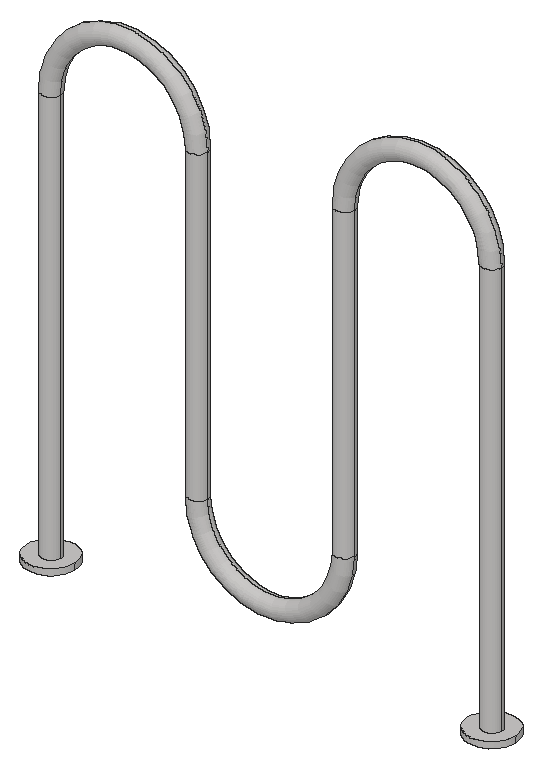
Revit family "Bicycle-Racks_Huntco_Rambler5", category Site, host Face, Revit 2026
Family settings
  Host = Face
  Round Connector Dimension = Use Diameter
  Part Type = Normal
  Classification Number = 23.40.10.11.11
  Cut with Voids When Loaded = No
  Shared = No
Parameters (values of type "1.625D Pipe 42H")
  holediameter = if(Flange Mounted, 0' 0 1/2", if(Freestanding, 0' 0 1/32", 0' 6"))  # 0' - 0 1/2"
  holedepth = if(Flange Mounted, 0' 4", if(Freestanding, 0' 0 1/32", 1' 0"))  # 0' - 4"
  flangevisible = not(Embedded Mounted)  # yes
  flangeheight = if(Exposed Flange, 0' 0 1/2", 0' 1 1/4")  # 0' - 0 1/2"
  extralength = if(or(Freestanding, Flange Mounted), 0' 0", 0' 11")  # 0' - 0"
  Warranty Duration (Years) = 0
  Unit Width = 3' - 2 97/256"
  Unit Weight = 60
  Unit Height = 3' - 6"
  URL = "http://www.huntco.com/"
  Test Data = ""
  Specification = "http://www.arcat.com/sdspecs/htm/02871hco.htm"
  SpecWizard = ""
  Send Message = "http://www.arcat.com/users.pl?action=UserEmail&company=Huntco+Supply+LLC&coid=39482&rep=133&fax=503-274-2055&mf="
  Sales Information = ""
  Revision = "R1_11_2012"
  Product Properties = ""
  Product Data = "http://www.arcat.com/arcatcos/cos39/arc39482.html"
  Pipe Diameter = 0' - 1 5/8"
  Outer Radius = Pipe Diameter / 2  # 0' - 0 13/16"
  Model = "BR-5"
  Material Finish = Metal - Steel - Huntco - Stainless
  Manufacturer Website = "http://www.huntco.com/"
  Manufacturer Phone - Toll Free = "800-547-5909"
  Manufacturer Phone = "503-224-8700"
  Manufacturer Fax = "503-274-2055"
  Manufacturer Address = "Huntco Supply LLC P. O. Box 10385 Portland, OR 97296"
  Manufacturer = "Huntco Supply LLC"
  Maintenance Schedule (Months) = 0
  Keynote = "02871"
  Installation-Fabrication = ""
  Installation Phase = ""
  Freestanding = yes
  Embedded Mounted = not(or(Freestanding, Flange Mounted))  # no
  Green Building-LEED = "http://www.arcat.com/green/clients/leed_data_39482.html"
  Flange Mounted = yes
  Exposed Flange = yes
  Expected Lifespan (Years) = 0
  Drawn By = "Sumex Design, Inc. / Robert S. Weygant, CSI, CDT, SCIP"
  Description = "Huntco BR Series Bike Rack - Model BR-5"
  Default Elevation = 4' - 0"
  Covered Flange = not(Exposed Flange)  # no
  Copyright = "©Arcat Inc."
  Construction Details = "http://www.arcat.com/details/huntcosu/huntcosu.html?coid=39482"
  Capacity = "5 Bikes"
  Building Codes = ""
  Assembly Code = "G2040500"
Types (4): name | Unit Height | Pipe Diameter | Outer Radius
  1.625D Pipe 42H | 3' - 6" | 0' - 1 5/8" | 0' - 0 13/16"
  1.625D Pipe 36H | 3' - 0" | 0' - 1 5/8" | 0' - 0 13/16"
  2.375D Pipe 42H | 3' - 6" | 0' - 2 3/8" | 0' - 1 3/16"
  2.375D Pipe 36H | 3' - 0" | 0' - 2 3/8" | 0' - 1 3/16"
Reference planes (in)
  plane 1 "Center (Front/Back)": y = 0
  plane 2: z = 0
  plane 3 "Center (Left/Right)": x = 0
  plane 4: y = 0.8125
  plane 5: y = -0.8125
  plane 6: x = -19.18945
  plane 7: x = 19.18945
  plane 8: z = 42
  plane 9: x = -18.37695
  plane 10: x = 18.37695
  plane 11: z = 0
  plane 12: z = -4
  plane 13: z = 0.5
Forms (in)
  Extrusion 1, solid, material "Metal - Steel - Huntco - Stainless" <- "Material Finish", visible <- "flangevisible"
    sketch origin (0, 0, 0) x (1, 0, 0) y (0, 1, 0)
      loop
        circle (-18.37695, 0) r 2
      loop
        circle (18.37695, 0) r 2
    from 0 to 0.5
  Sweep 2, solid, material "Metal - Steel - Huntco - Stainless" <- "Material Finish"
    path origin (0, 0, 0) x (1, 0, 0) y (0, 0, 1)
      loop
        line (-18.37695, 0) -> (-18.37695, 35.06185)
        arc (-18.37695, 35.06185) -> (-12.2513, 41.1875) -> (-6.12565, 35.06185) r 6.12565
        line (-6.12565, 35.06185) -> (-6.12565, 9.19336)
        arc (-6.12565, 9.19336) -> (0, 3.06771) -> (6.12565, 9.19336) r 6.12565
        line (6.12565, 9.19336) -> (6.12565, 35.06185)
        arc (6.12565, 35.06185) -> (12.2513, 41.1875) -> (18.37695, 35.06185) r 6.12565
        line (18.37695, 35.06185) -> (18.37695, 0)
    profile origin (-18.37695, 0, 17.53092) x (-1, 0, 0) y (0, -1, 0)
      loop
        circle (0, 0) r 0.8125
  Extrusion 3, void
    sketch origin (0, 0, 0) x (1, 0, 0) y (0, 1, 0)
      loop
        circle (-18.37695, 0) r 0.25
      loop
        circle (18.37695, 0) r 0.25
    from -4 to 0.5
Dimensions and locks (in)
  "Unit Height": plane 8 to level
  equal spacing: plane 4, plane 1 "Center (Front/Back)", plane 5
  "Pipe Diameter": plane 4 to plane 5
  equal spacing: plane 7, plane 3 "Center (Left/Right)", plane 6
  "Unit Width": plane 7 to plane 6
  "Outer Radius": plane 9 to plane 6
  "Outer Radius": plane 7 to plane 10
  equal spacing: plane 10, Sweep 2 sketch curve, Sweep 2 sketch curve, plane 9
  "Outer Radius": plane 6 to Extrusion 1 sketch curve
  "Outer Radius": Extrusion 1 sketch curve to plane 7
  "Outer Radius": plane 8 to Sweep 2 sketch curve  (x2)
  "holedepth": host face to plane 12
  "extralength": host face to plane 11
  "holediameter": Extrusion 3 sketch curve to Extrusion 3 sketch curve  (x2)
  "Outer Radius": plane 6 to Extrusion 3 sketch curve
  "Outer Radius": Extrusion 3 sketch curve to plane 7
  "flangeheight": plane 13 to host face
  locked: Sweep 2 sketch curve to host face at 9.19336
  "Outer Radius": radius of Sweep 2 sketch curve
  aligned and locked: plane 2 to host face
  aligned and locked: level to host face
  aligned and locked: plane 9 to Sweep 2 sketch curve
  aligned and locked: Sweep 2 sketch curve to plane 10
  aligned and locked: plane 11 to Sweep 2 sketch curve  (x2)
  aligned and locked: Extrusion 3 to plane 12
  aligned and locked: plane 13 to Extrusion 1
Automatic sketch dimensions
  host sketch curve to host sketch curve = 8' - 0"  (x2)
  Extrusion 1 sketch curve to plane 1 "Center (Front/Back)" = 0' - 0"  (x2)
  Sweep 2 sketch curve to plane 1 "Center (Front/Back)" = 0' - 0"
  Sweep 2 sketch curve to profile plane = 0' - 0"
  Extrusion 3 sketch curve to plane 1 "Center (Front/Back)" = 0' - 0"  (x2)
  radius of Extrusion 1 sketch curve = 0' - 2"  (x2)
